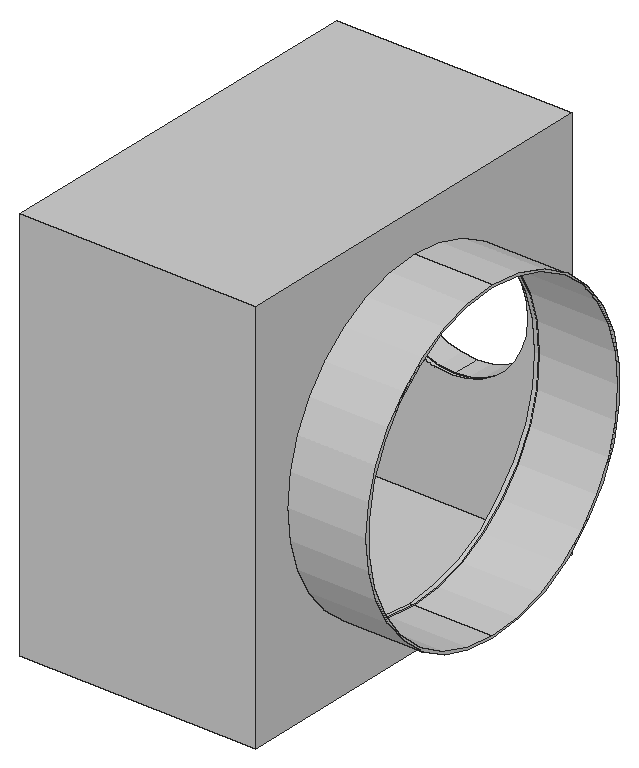
Revit family "Skrzynka rozprężna SR", category Terminale wentylacyjne, Revit 2018
Family settings
  Wymiar okrągłego złącza = Użyj średnicy
  Typ części = Normalny
  Numer OmniClass = 23.75.70.21.27.11
  Tytuł OmniClass = Diffusers, Registers, and Grilles
  Oparty na płaszczyźnie roboczej = Nie
  Zawsze pionowo = Tak
  Tnij formami wycięć po wczytaniu = Nie
  Współdzielony = Nie
  Punkt obliczania pomieszczeń = Nie
Parameters (values of type "800")
  Średnica króćca przyłączeniowego = 800 mm
  Średnica króćca dolotowego = 398 mm
  Zewnętrzna [instance] = Izolacja zewnętrzna : Izolacja zewnętrzna
  Wysokość skrzynki = 595 mm
  Wysokość króćca [instance] = 200 mm
  Wymiar skrzynki = 1000 mm
  Wielkość skrzynki = 800 mm
  Wewnętrzna [instance] = Izolacja wewnętrzna : Izolacja wewnętrzna
  URL = "https://www.sawpol.pl/pl/oferta/item/8-skrzynki-rozprezne/81-sr"
  Skrzynka z króćcem górnym [instance] = no
  Skrzynka z króćcem bocznym [instance] = not(Skrzynka z króćcem górnym)  # yes
  Przepustnica z zewnątrz [instance] = Przepustnica na króćcu regulowana z zewnątrz : Przepustnica na króćcu regulowana z zewnątrz
  Przepustnica od wewnątrz [instance] = Przepustnica na króćcu regulowana od wewnątrz : Przepustnica na króćcu regulowana od wewnątrz
  Przepustnica na króćcu przyłączeniowym [instance] = Brak przepustnicy : Brak przepustnicy
  Przepustnica brak [instance] = Brak przepustnicy : Brak przepustnicy
  Producent = "PPHU SAW-POL"  # constant formula
  P3 [instance] = Przepustnica na króćcu przyłączeniowym = Przepustnica od wewnątrz  # no
  P2 [instance] = Przepustnica na króćcu przyłączeniowym = Przepustnica z zewnątrz  # no
  P1 [instance] = Przepustnica na króćcu przyłączeniowym = Przepustnica brak  # yes
  Obraz typu = Skrzynka.PNG
  Model = "SR"  # constant formula
  Materiał = SAW-POL Stal ocynkowana
  Komentarze do typu = "Skrzynka rozprężna SR"  # constant formula
  Kod produktu - budowa [instance] = size_lookup("Akcesoria NWO-11", "", "", Wielkość skrzynki, if(Skrzynka z króćcem górnym, 0, 1), if(I1, 0, if(I2, 1, 2)), if(P1, 0, if(P2, 1, 2)), Wysokość skrzynki)  # "SR-B2/brak/brak/800/160"
  Karta katalogowa = "https://www.sawpol.pl/pliki/pl/SR_Saw-Pol.pdf"
  Izolacja skrzynki rozprężnej [instance] = Brak izolacji : Brak izolacji
  Izolacja brak [instance] = Brak izolacji : Brak izolacji
  IfcExportAs = "IfcFlowTerminal"  # constant formula
  I3 [instance] = Izolacja skrzynki rozprężnej = Wewnętrzna  # no
  I2 [instance] = Izolacja skrzynki rozprężnej = Zewnętrzna  # no
  I1 [instance] = Izolacja skrzynki rozprężnej = Izolacja brak  # yes
  Deklaracja zgodności = "14/DZ/2020/K"  # constant formula
  Atest Higieniczny = "HK/K/0522/03/2016"  # constant formula
Reference planes
  plane 1 "Środek (Przód/Tył)": y = 0
  plane 2: z = 0
  plane 3 "Środek (Lewa/Prawa)": x = 0
  plane 4: y = -160
  plane 5: y = 150
  plane 6: y = -170
  plane 7: y = 200
  plane 8: y = -152
  plane 9: y = 152
  plane 10: y = -400
  plane 11: y = 400
  plane 12: y = 470
  plane 13: x = -140
  plane 14: x = -440
  plane 15: y = 250
  plane 16: y = -250
Lines and regions (mm)
  model lines, detail levels coarse
    curve 1: line (0, 250, 0) -> (-140, 250, 0)
    curve 2: line (-140, 250, 0) -> (-140, 400, 0)
    curve 3: line (-140, 400, 0) -> (-440, 400, 0)
    curve 4: line (-440, 400, 0) -> (-440, -400, 0)
    curve 5: line (-440, -400, 0) -> (-140, -400, 0)
    curve 6: line (-140, -400, 0) -> (-140, 400, 0)
    curve 7: line (-140, -250, 0) -> (0, -250, 0)
    curve 8: line (0, -250, 0) -> (0, 250, 0)
    curve 9: line (-390, 400, 0) -> (-390, 470, 0)
    curve 10: line (-390, 470, 0) -> (-190, 470, 0)
    curve 11: line (-190, 470, 0) -> (-190, 400, 0)
Dimensions and locks
  plane 4 to plane 1 "Środek (Przód/Tył)" to plane 5 = 160 mm, 150 mm
  plane 4 to plane 5 = 310 mm
  plane 6 to plane 1 "Środek (Przód/Tył)" to plane 7 = 170 mm, 200 mm
  plane 6 to plane 7 = 370 mm
  plane 8 to plane 1 "Środek (Przód/Tył)" = 152 mm
  plane 1 "Środek (Przód/Tył)" to plane 9 = 152 mm
  plane 14 to plane 13 to plane 3 "Środek (Lewa/Prawa)" = 300 mm locked, 140 mm locked
  locked: plane 11 to plane 10 at 800
  locked: plane 12 to plane 11 at 70
  locked: plane 15 to plane 16 at 500
  aligned and locked: level to plane 2
  aligned and locked: plane 1 "Środek (Przód/Tył)" to nested 1
  aligned and locked: level to nested 1
  aligned and locked: nested 5 to plane 3 "Środek (Lewa/Prawa)"
  aligned and locked: nested 4 to plane 3 "Środek (Lewa/Prawa)"
  aligned and locked: nested 3 to plane 3 "Środek (Lewa/Prawa)"
  aligned and locked: nested 2 to plane 3 "Środek (Lewa/Prawa)"
  aligned and locked: plane 3 "Środek (Lewa/Prawa)" to curve 8
  aligned and locked: plane 10 to nested 3
  aligned and locked: plane 13 to curve 6
  aligned and locked: plane 11 to curve 3
  aligned and locked: curve 10 to plane 12
  aligned and locked: curve 4 to plane 14
  aligned and locked: curve 7 to plane 16
  aligned and locked: plane 15 to curve 1
Nested families
  nested 1: "Skrzynka" at (0, 0, 0) x (0, 0, 1) z (-1, 0, 0), C <- "Wymiar skrzynki", H <- "Wysokość skrzynki", h <- "Wysokość króćca", Średnica D <- "Średnica króćca przyłączeniowego", Średnica d <- "Średnica króćca dolotowego", Boczny <- "Skrzynka z króćcem bocznym", Górny <- "Skrzynka z króćcem górnym", Materiał <- "Materiał", type "Skrzynka", detail levels medium+fine
    with Średnica d 398 mm, Średnica D 800 mm, h 200 mm, Promień d-5mm 194 mm, Promień d 199 mm, Promień D -5 395 mm, Promień D 400 mm, Materiał SAW-POL Stal ocynkowana, Kąt 90.00°, H 595 mm, Górny no, C 1000 mm, Boczny yes, B 0 mm, A1 0 mm, A 500 mm
  nested 2: "Symbol rzut" at (192, 0, 0), C <- "Wymiar skrzynki", HS <- "Wysokość skrzynki", d <- "Średnica króćca dolotowego", h <- "Wysokość króćca", Boczny <- "Skrzynka z króćcem górnym", Góra <- "Skrzynka z króćcem bocznym", D <- "Średnica króćca przyłączeniowego", type "Symbol rzut", detail levels medium+fine
    with h 200 mm, d/2 199 mm, d 398 mm, Widoczność strzałki czerpnia no, Widoczność góra yes, Widoczność boczna no, Szerokość 250 mm, Skrzynka yes, S 160 mm, HS 595 mm, H 310 mm, Góra yes, D 800 mm, Czerpnia no, C 1000 mm, Boczny no
  nested 3: "Symbol rzut" at (192, 0, 0), Boczny <- "Skrzynka z króćcem górnym", Góra <- "Skrzynka z króćcem bocznym", type "Symbol rzut", detail levels coarse
    with h 140 mm, d/2 100 mm, d 200 mm, Widoczność strzałki czerpnia no, Widoczność góra yes, Widoczność boczna no, Szerokość 250 mm, Skrzynka yes, S 160 mm, HS 300 mm, H 500 mm, Góra yes, D 500 mm, Czerpnia no, C 800 mm, Boczny no
  nested 4: "Symbol rzut" at (192, 0, 0) x (1, 0, 0) z (0, -1, 0), C <- "Wymiar skrzynki", D <- "Średnica króćca przyłączeniowego", HS <- "Wysokość skrzynki", h <- "Wysokość króćca", d <- "Średnica króćca dolotowego", Góra <- "Skrzynka z króćcem górnym", Boczny <- "Skrzynka z króćcem bocznym", type "Symbol rzut", detail levels medium+fine
    with h 200 mm, d/2 199 mm, d 398 mm, Widoczność strzałki czerpnia no, Widoczność góra no, Widoczność boczna yes, Szerokość 250 mm, Skrzynka yes, S 160 mm, HS 595 mm, H 310 mm, Góra no, D 800 mm, Czerpnia no, C 1000 mm, Boczny yes
  nested 5: "Symbol rzut" at (192, 0, 0) x (1, 0, 0) z (0, -1, 0), Góra <- "Skrzynka z króćcem górnym", Boczny <- "Skrzynka z króćcem bocznym", type "Symbol rzut", detail levels coarse
    with h 140 mm, d/2 100 mm, d 200 mm, Widoczność strzałki czerpnia no, Widoczność góra no, Widoczność boczna yes, Szerokość 250 mm, Skrzynka yes, S 160 mm, HS 300 mm, H 500 mm, Góra no, D 500 mm, Czerpnia no, C 800 mm, Boczny yes
  nested 6: "Symbol widok" at (-80, 0, 0) x (0, 1, 0) z (1, 0, 0), Dolotowy <- "Średnica króćca dolotowego", C <- "Wymiar skrzynki", Boczny <- "Skrzynka z króćcem bocznym", Górny <- "Skrzynka z króćcem górnym", D <- "Średnica króćca przyłączeniowego", type "Symbol widok", detail levels medium+fine
    with d 400 mm, Widoczność boczny yes, Widocznosc górny no, Skrzynka yes, Górny no, Dolotowy 398 mm, D 800 mm, C 1000 mm, Boczny yes
  nested 7: "Symbol widok" at (-80, 0, 0) x (0, 1, 0) z (1, 0, 0), Boczny <- "Skrzynka z króćcem bocznym", Górny <- "Skrzynka z króćcem górnym", type "Symbol widok", detail levels coarse
    with d 150 mm, Widoczność boczny yes, Widocznosc górny no, Skrzynka yes, Górny no, Dolotowy 200 mm, D 300 mm, C 500 mm, Boczny yes
Connectors
  hvac at (0, 0, 0), driven by "Średnica króćca przyłączeniowego"
    settings: on nested 1, index 1, duct flow 0.0 m³/h, flow factor 0, pres drop 0.0 Pa, loss coef 0, conn angle 0.00°, conn width 304.8 mm, conn height 304.8 mm, conn diameter 800 mm, duct sys type 29, conn prof type 0, flow config 0, flow direction 0, loss method 0, conn ref index 2, conn util no, is conn primary yes, conn desc ""
  hvac at (-497.5, 570, 0), driven by "Średnica króćca dolotowego"
    settings: on nested 1, index 2, duct flow 0.0 m³/h, flow factor 0, pres drop 0.0 Pa, loss coef 0, conn angle 0.00°, conn width 304.8 mm, conn height 304.8 mm, conn diameter 398 mm, duct sys type 29, conn prof type 0, flow config 0, flow direction 0, loss method 0, conn ref index 1, conn util no, is conn primary no, conn desc ""
Definition of nested family "Skrzynka"
  Parameters (values of type "Skrzynka")
    Średnica d [instance] = 200 mm
    h [instance] = 140 mm
    Promień d-5mm [instance] = Promień d - 5 mm  # 95 mm
    Promień d [instance] = Średnica d / 2  # 100 mm
    Promień D -5 [instance] = Promień D - 5 mm  # 145 mm
    Promień D [instance] = Średnica D / 2  # 150 mm
    Kąt [instance] = if(Boczny, 90.00°, 0.00°)  # 90.00°
    H [instance] = 300 mm
    Górny [instance] = yes
    C [instance] = 500 mm
    Średnica D [instance] = 300 mm
    Materiał [instance] = none
    Default Elevation = 1219.2 mm
    Boczny [instance] = yes
    B [instance] = 0 mm  # constant formula
    A1 [instance] = if(Boczny, 0 mm, C / 2)  # 0 mm
    A [instance] = if(Boczny, C / 2, 0 mm)  # 250 mm
  Reference planes
    plane 1 "Środek (Przód/Tył)": y = 0
    plane 2: z = 0
    plane 3 "Środek (Lewa/Prawa)": x = 0
    plane 4: x = -150
    plane 5: x = 150
    plane 6: x = -250
    plane 7: x = 250
    plane 8: z = 140
    plane 9: y = 250
    plane 10: y = -250
    plane 11: z = 440
    plane 12: x = -100
    plane 13: x = 100
    plane 14: z = 290
    plane 15: y = 320
    plane 16: y = -100
    plane 17: y = 100
    plane 18: x = 320
    plane 19: z = 430
    plane 20: y = -240
    plane 21: y = 240
    plane 22: z = 150
    plane 23: x = 240
    plane 24: x = -240
    plane 25 "A": y = 250
    plane 26 "B": z = 290
    plane 27: x = 0
  Forms (mm)
    Extrusion 1, solid
      sketch origin (0, 0, 0) x (1, 0, 0) y (0, 1, 0)
        loop
          line (-1219.2, 1219.2) -> (-1219.2, -1219.2) -> (1219.2, -1219.2) -> (1219.2, 1219.2) -> (-1219.2, 1219.2)
      from 0 to -304.8
    Extrusion 2, solid, material <- "Materiał"
      sketch origin (0, 0, 0) x (1, 0, 0) y (0, 1, 0)
        loop
          circle (0, 0) r 150
        loop
          circle (0, 0) r 145
      from 0 to 140
    Extrusion 3, solid, material <- "Materiał"
      sketch origin (0, 0, 0) x (1, 0, 0) y (0, 1, 0)
        loop
          line (-250, 250) -> (-250, -250) -> (250, -250) -> (250, 250) -> (-250, 250)
      from 140 to 440
    Extrusion 4, void
      sketch origin (0, 0, 0) x (1, 0, 0) y (0, 1, 0)
        loop
          circle (0, 0) r 145
      from 140 to 150
    Extrusion 5, void
      sketch origin (0, 0, 0) x (0, -1, 0) y (0, 0, 1)
        loop
          line (-240, 430) -> (-240, 150) -> (240, 150) -> (240, 430) -> (-240, 430)
      from -240 to 240
    Sweep 6, solid, material <- "Materiał"
      path in 3D
        loop
          line (0, 250, 290) -> (0, 320, 290)
      profile origin (0, 285, 290) x (-1, 0, 0) y (0, 0, 1)
        loop
          circle (0, 0) r 100
        loop
          circle (0, 0) r 95
    Sweep 7, void
      path in 3D
        loop
          line (0, 220, 290) -> (0, 420, 290)
      profile origin (0, 320, 290) x (-1, 0, 0) y (0, 0, 1)
        loop
          circle (0, 0) r 95
  Cuts and joins
    Extrusion 4 cuts Extrusion 2
    Extrusion 4, Extrusion 5, Sweep 7 cuts Extrusion 3
    Sweep 7 cuts Sweep 6
  Lines and regions (mm)
    reference lines
      curve 1: line (0, 250, 290) -> (0, 1140, 290)
    sketch lines
      curve 2: line (0, 250, 290) -> (0, 320, 290)
      curve 3: line (0, 220, 290) -> (0, 420, 290)
  Dimensions and locks
    "Średnica D": plane 4 to plane 5
    equal spacing: plane 4, plane 3 "Środek (Lewa/Prawa)", plane 5
    equal spacing: plane 6, plane 3 "Środek (Lewa/Prawa)", plane 7
    "C": plane 6 to plane 7
    "h": plane 8 to level
    equal spacing: plane 9, plane 1 "Środek (Przód/Tył)", plane 10
    "C": plane 9 to plane 10
    "H": plane 11 to plane 8
    equal spacing: plane 13, plane 3 "Środek (Lewa/Prawa)", plane 12
    "Średnica d": plane 13 to plane 12
    equal spacing: plane 11, plane 14, plane 8
    locked: plane 9 to plane 15 at 70
    equal spacing: plane 16, plane 1 "Środek (Przód/Tył)", plane 17
    "Średnica d": plane 16 to plane 17
    locked: plane 7 to plane 18 at 70
    locked: plane 11 to plane 19 at 10
    locked: plane 20 to plane 10 at 10
    locked: plane 9 to plane 21 at 10
    locked: plane 22 to plane 8 at 10
    locked: plane 7 to plane 23 at 10
    locked: plane 6 to plane 24 at 10
    "A": plane 25 "A" to plane 1 "Środek (Przód/Tył)"
    "B": plane 26 "B" to plane 14
    "A1": plane 3 "Środek (Lewa/Prawa)" to plane 27
    "Promień D": radius of Extrusion 2 sketch curve
    "Promień D -5": radius of Extrusion 2 sketch curve
    "Promień D -5": radius of Extrusion 4 sketch curve
    "Promień d": radius of Sweep 6 sketch curve
    "Promień d-5mm": radius of Sweep 6 sketch curve
    "Promień d-5mm": radius of Sweep 7 sketch curve
    "Kąt": angle plane 25 "A" to curve 1
    aligned and locked: plane 2 to Extrusion 1
    aligned and locked: level to Extrusion 1
    aligned and locked: plane 8 to Extrusion 2
    aligned and locked: plane 10 to Extrusion 3 sketch curve
    aligned and locked: Extrusion 3 sketch curve to plane 7
    aligned and locked: Extrusion 3 sketch curve to plane 9
    aligned and locked: Extrusion 3 to plane 8
    aligned and locked: plane 11 to Extrusion 3
    aligned and locked: plane 22 to cut or joined group of Extrusion 3, Extrusion 4, Extrusion 5, Sweep 7
    aligned and locked: Extrusion 5 sketch curve to plane 19
    aligned and locked: plane 21 to Extrusion 5 sketch curve
    aligned and locked: plane 22 to Extrusion 5 sketch curve
    aligned and locked: Extrusion 5 sketch curve to plane 20
    aligned and locked: plane 23 to Extrusion 5
    aligned and locked: plane 24 to cut or joined group of Extrusion 3, Extrusion 4, Extrusion 5, Sweep 7
    aligned and locked: plane 25 "A" to curve 1
    aligned and locked: plane 26 "B" to Sweep 6 sketch curve
    aligned and locked: profile plane to Sweep 7 sketch curve  (x2)
    aligned and locked: plane 27 to curve 1
  Automatic sketch dimensions
    Extrusion 1 sketch curve to Extrusion 1 sketch curve = 2438.4 mm  (x2)
    Extrusion 3 sketch curve to plane 6 = 0 mm
    Extrusion 2 sketch curve to Extrusion 2 sketch curve = 0 mm  (x2)
    plane 1 "Środek (Przód/Tył)" to Extrusion 2 sketch curve = 0 mm
    Extrusion 2 sketch curve to plane 3 "Środek (Lewa/Prawa)" = 0 mm
    plane 1 "Środek (Przód/Tył)" to Extrusion 4 sketch curve = 0 mm
    Extrusion 4 sketch curve to plane 3 "Środek (Lewa/Prawa)" = 0 mm
    Sweep 6 sketch curve to Sweep 6 sketch curve = 0 mm  (x2)
    Sweep 6 sketch curve to profile plane = 0 mm
Definition of nested family "Symbol rzut"
  Parameters (values of type "Symbol rzut")
    h [instance] = 500 mm
    d/2 [instance] = d / 2  # 255.586 mm
    d [instance] = 511.172 mm
    Widoczność strzałki czerpnia [instance] = if(Szerokość < 201 mm, 1 > 2, and(Szerokość > 201 mm, Czerpnia))  # yes
    Widoczność góra [instance] = and(Góra, Skrzynka)  # yes
    Widoczność boczna [instance] = and(Boczny, Skrzynka)  # yes
    Szerokość [instance] = 250 mm
    Skrzynka [instance] = yes
    S [instance] = 250 mm
    HS [instance] = 1100 mm
    H [instance] = 2000 mm
    Góra [instance] = yes
    D [instance] = 1600 mm
    Czerpnia [instance] = yes
    C [instance] = 3428.243 mm
    Boczny [instance] = yes
  Reference planes
    plane 1 "Środek (Przód/Tył)": y = 0
    plane 2: z = 0
    plane 3: y = 1000
    plane 4: y = -1000
    plane 5: x = -192
    plane 6: y = 500
    plane 7: y = -500
    plane 8: x = -692
    plane 9: x = -1792
    plane 10: y = 800
    plane 11: y = -800
    plane 12: y = 1714.121
    plane 13: y = -1714.121
    plane 14: x = -986.414
    plane 15: x = -1497.586
    plane 16: x = -1242
    plane 17: y = 1784.121
  Lines and regions (mm)
    detail lines, in view "Poziom odniesienia", visible <- "Skrzynka"
      curve 1: line (-192, 800, 0) -> (-692, 800, 0)
      curve 2: line (-192, -800, 0) -> (-692, -800, 0)
      curve 3: line (-692, 1714.121, 0) -> (-692, -1714.121, 0)
      curve 4: line (-192, 800, 0) -> (-192, -800, 0)
      curve 5: line (-692, 1714.121, 0) -> (-1792, 1714.121, 0)
      curve 6: line (-1792, 1714.121, 0) -> (-1792, -1714.121, 0)
      curve 7: line (-692, -1714.121, 0) -> (-1792, -1714.121, 0)
    detail lines, in view "Poziom odniesienia", visible <- "Widoczność góra"
      curve 8: line (-1497.586, 1784.121, 0) -> (-1497.586, 1714.121, 0)
      curve 9: line (-986.414, 1784.121, 0) -> (-986.414, 1714.121, 0)
      curve 10: line (-1497.586, 1784.121, 0) -> (-986.414, 1784.121, 0)
    detail lines, in view "Poziom odniesienia", visible <- "Widoczność boczna"
      curve 11: circle (-1242, 0, 0) r 255.586 normal (0, 0, 1)
  Dimensions and locks
    "H": plane 3 to plane 4
    equal spacing: plane 3, plane 1 "Środek (Przód/Tył)", plane 4
    equal spacing: plane 3, plane 6, plane 1 "Środek (Przód/Tył)", plane 7
    "h": plane 8 to plane 5
    "HS": plane 9 to plane 8
    equal spacing: plane 11, plane 1 "Środek (Przód/Tył)", plane 10
    "D": plane 11 to plane 10
    equal spacing: plane 13, plane 1 "Środek (Przód/Tył)", plane 12
    "C": plane 13 to plane 12
    equal spacing: plane 9, plane 16, plane 8
    equal spacing: plane 15, plane 16, plane 14
    "d": plane 15 to plane 14
    locked: plane 12 to plane 17 at 70
    "d/2": radius of curve 11
    aligned and locked: curve 1 to plane 10
    aligned and locked: curve 2 to plane 11
    aligned and locked: curve 3 to plane 8
    aligned and locked: curve 4 to plane 5
    aligned and locked: curve 5 to plane 12
    aligned and locked: curve 6 to plane 9
    aligned and locked: curve 7 to plane 13
    aligned and locked: curve 8 to plane 15
    aligned and locked: curve 9 to plane 14
    aligned and locked: curve 10 to plane 17
    aligned and locked: plane 12 to curve 9
    aligned and locked: plane 16 to curve 11
    aligned and locked: plane 1 "Środek (Przód/Tył)" to curve 11
Definition of nested family "Symbol widok"
  Parameters (values of type "Symbol widok")
    d [instance] = D / 2  # 250 mm
    Widoczność boczny [instance] = and(Skrzynka, Boczny)  # yes
    Widocznosc górny [instance] = and(Skrzynka, Górny)  # yes
    Skrzynka [instance] = yes
    Górny [instance] = yes
    Dolotowy [instance] = 989.924 mm
    D [instance] = 500 mm
    C [instance] = 2389.924 mm
    Boczny [instance] = yes
  Reference planes
    plane 1 "Środek (Przód/Tył)": y = 0
    plane 2: z = 0
    plane 3 "Środek (Lewa/Prawa)": x = 0
    plane 4: y = 1194.962
    plane 5: x = -1194.962
    plane 6: y = -1194.962
    plane 7: x = 1194.962
    plane 8: x = -494.962
    plane 9: x = 494.962
    plane 10: y = 1264.962
    plane 11: y = 494.962
    plane 12: y = -494.962
    plane 13: x = 1264.962
  Lines and regions (mm)
    detail lines, in view "Poziom odniesienia", visible <- "Skrzynka"
      curve 1: line (-1194.962, 1194.962, 0) -> (1194.962, 1194.962, 0)
      curve 2: line (-1194.962, 1194.962, 0) -> (-1194.962, -1194.962, 0)
      curve 3: line (-1194.962, -1194.962, 0) -> (1194.962, -1194.962, 0)
      curve 4: line (1194.962, 1194.962, 0) -> (1194.962, -1194.962, 0)
    detail lines, in view "Poziom odniesienia", visible <- "Widocznosc górny"
      curve 5: line (-494.962, 1194.962, 0) -> (-494.962, 1264.962, 0)
      curve 6: line (-494.962, 1264.962, 0) -> (494.962, 1264.962, 0)
      curve 7: line (494.962, 1194.962, 0) -> (494.962, 1264.962, 0)
    detail lines, in view "Poziom odniesienia", visible <- "Widoczność boczny"
      curve 8: line (1194.962, 494.962, 0) -> (1264.962, 494.962, 0)
      curve 9: line (1264.962, 494.962, 0) -> (1264.962, -494.962, 0)
      curve 10: line (1194.962, -494.962, 0) -> (1264.962, -494.962, 0)
    detail lines, in view "Poziom odniesienia"
      curve 11: circle (0, 0, 0) r 250 normal (0, 0, 1)
  Dimensions and locks
    equal spacing: plane 5, plane 3 "Środek (Lewa/Prawa)", plane 7
    "C": plane 5 to plane 7
    equal spacing: plane 4, plane 1 "Środek (Przód/Tył)", plane 6
    "C": plane 4 to plane 6
    equal spacing: plane 8, plane 3 "Środek (Lewa/Prawa)", plane 9
    "Dolotowy": plane 8 to plane 9
    plane 10 to plane 4 = 70 mm
    equal spacing: plane 11, plane 1 "Środek (Przód/Tył)", plane 12
    "Dolotowy": plane 11 to plane 12
    locked: plane 7 to plane 13 at 70
    "d": radius of curve 11
    aligned and locked: curve 1 to plane 4
    aligned and locked: curve 2 to plane 5
    aligned and locked: curve 3 to plane 6
    aligned and locked: curve 4 to plane 7
    aligned and locked: curve 5 to plane 8
    aligned and locked: curve 6 to plane 10
    aligned and locked: curve 7 to plane 9
    aligned and locked: plane 4 to curve 7
    aligned and locked: curve 8 to plane 11
    aligned and locked: curve 9 to plane 13
    aligned and locked: curve 10 to plane 12
    aligned and locked: plane 7 to curve 8
  Automatic sketch dimensions
    plane 1 "Środek (Przód/Tył)" to curve 11 = 0 mm
    curve 11 to plane 3 "Środek (Lewa/Prawa)" = 0 mm
Types in the file's own list only (8): name | Średnica króćca przyłączeniowego | Średnica króćca dolotowego | Wysokość skrzynki | Wymiar skrzynki | Wielkość skrzynki
  250 | 250 mm | 198 mm | 280 mm | 400 mm | 250 mm
  315 | 315 mm | 248 mm | 330 mm | 580 mm | 315 mm
  355 | 355 mm | 248 mm | 330 mm | 580 mm | 355 mm
  400 | 400 mm | 313 mm | 380 mm | 590 mm | 400 mm
  500 | 500 mm | 313 mm | 380 mm | 700 mm | 500 mm
  630 | 630 mm | 398 mm | 595 mm | 800 mm | 630 mm
  710 | 710 mm | 398 mm | 595 mm | 900 mm | 710 mm
  1000 | 1000 mm | 398 mm | 595 mm | 1250 mm | 1000 mm
